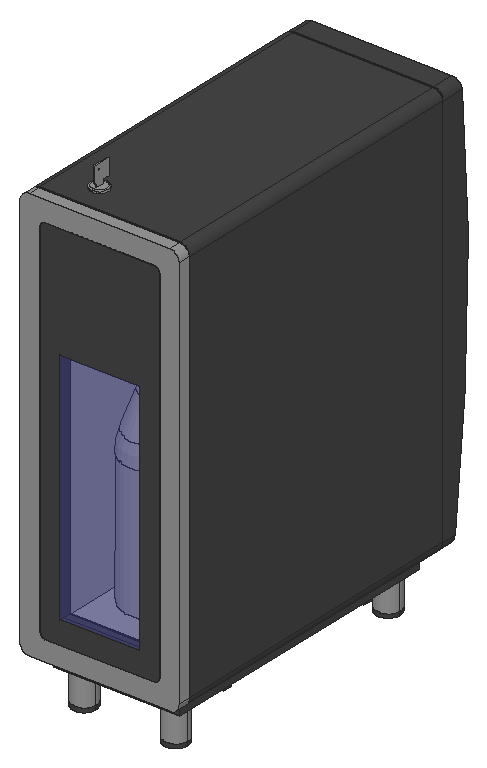
Revit family "Franke_Flavor_Station_FS6-A1000_FM_CM(USA)", category Specialty Equipment, Revit 2015
Parameters (values of type "Flavor Station FS6 - A1000 FM CM(110-127V/anthracite/USA)")
  Watts max. = 0 W
  Volts max. = 127 V
  URL = "https://www.franke.com/main/en/cs/products/product-search.html"
  Depth (mm) = 452 mm
  Volts min. = 110 V
  Max Overcurrent Protection = "-"
  Cycle Alternative = 60 Hz
  Cycle = 50 Hz
  Model = "Flavor Station FS6 - A1000 FM CM"
  Watts min. = 0 W
  Cost = 0
  Capacity = "up to 6 bottles"
  Height (mm) = 544 mm
  Manufacturer = "Franke"
  Energy loss acc. to DIN 18873 = "-"
  Width (mm) = 200 mm
  Description = "key module Flavor Station enables the automated and constant dosing of syrup in the coffee / milk"
  Assembly Code = "key module Flavor Station"
  Keynote = "key module Flavor Station"
  Weight = "17 kg"
  Number of Poles = 1
  Number of Protective Conductors = "1"
  Number of Nutral Conductors = "1"
  Frontcover = Franke Anthracite
Types (3, lengths in mm): name | Frontcover
  (no name) | Franke Anthracite
  Flavor Station FS6 - A1000 FM CM(110-127V/black line/USA) | Franke Black
  Flavor Station FS6 - A1000 FM CM(110-127V/anthracite/USA) | Franke Anthracite
Reference planes
  plane 1 "Mitte (Vorne/Hinten)": y = 0
  plane 2: z = 0
  plane 3 "Mitte (Links/Rechts)": x = 0
Forms (mm)
  Revolve 1, solid, material "Franke Glass (coloured)"
    sketch origin (0, -122.422, 0) x (1, 0, 0) y (0, 0, 1)
      loop
        line (0, 119) -> (42.5, 119) -> (42.5, 285)
        arc (42.5, 285) -> (41.359, 298.689) -> (37.969, 312) r 82.717
        arc (37.969, 312) -> (30.026, 334.024) -> (21.951, 356) r 3887.726
        arc (21.951, 356) -> (18.197, 369.268) -> (16.953, 383) r 74.483
        line (16.953, 383) -> (0, 383) -> (0, 119)
      axis (0, 119) -> (0, 383)
    angle from 0 to 360
  Revolve 2, solid, material "Franke Coloured plastic"
    sketch origin (0, -122.422, 0) x (1, 0, 0) y (0, 0, 1)
      loop
        line (0, 383) -> (16.953, 383) -> (16.953, 417) -> (0, 417) -> (0, 383)
      axis (0, 383) -> (0, 417)
    angle from 0 to 360
  Extrusion 3, solid, material "Franke Anthracite" <- "Frontcover"
    sketch origin (0, 0, 0) x (1, 0, 0) y (0, 0, 1)
      loop
        line (88, 585) -> (-88, 585)
        arc (-88, 585) -> (-96.485, 581.485) -> (-100, 573) r 12
        line (-100, 573) -> (-100, 77)
        arc (-100, 77) -> (-96.485, 68.515) -> (-88, 65) r 12
        line (-88, 65) -> (-85, 65) -> (85, 65) -> (88, 65)
        arc (88, 65) -> (96.485, 68.515) -> (100, 77) r 12
        line (100, 77) -> (100, 573)
        arc (100, 573) -> (96.485, 581.485) -> (88, 585) r 12
      loop
        arc (67, 90) -> (72.657, 92.343) -> (75, 98) r 8
        line (75, 98) -> (75, 552)
        arc (75, 552) -> (72.657, 557.657) -> (67, 560) r 8
        line (67, 560) -> (-67, 560)
        arc (-67, 560) -> (-72.657, 557.657) -> (-75, 552) r 8
        line (-75, 552) -> (-75, 98)
        arc (-75, 98) -> (-72.657, 92.343) -> (-67, 90) r 8
        line (-67, 90) -> (67, 90)
    from 199.53 to 214.53
  Extrusion 4, solid, material "Franke Black"
    sketch origin (0, 0, 0) x (1, 0, 0) y (0, 0, 1)
      loop
        arc (-67, 560) -> (-72.657, 557.657) -> (-75, 552) r 8
        line (-75, 552) -> (-75, 98)
        arc (-75, 98) -> (-72.657, 92.343) -> (-67, 90) r 8
        line (-67, 90) -> (67, 90)
        arc (67, 90) -> (72.657, 92.343) -> (75, 98) r 8
        line (75, 98) -> (75, 552)
        arc (75, 552) -> (72.657, 557.657) -> (67, 560) r 8
        line (67, 560) -> (-67, 560)
      loop
        line (-50, 417) -> (-50, 119) -> (50, 119) -> (50, 417) -> (-50, 417)
    from 199.53 to 214.53
  Extrusion 5, solid, material "Franke Glass"
    sketch origin (0, 0, 0) x (1, 0, 0) y (0, 0, 1)
      loop
        line (-50, 417) -> (-50, 119) -> (50, 119) -> (50, 417) -> (-50, 417)
    from 209.53 to 214.53
  Extrusion 6, solid, material "Franke Black"
    sketch origin (0, 0, 0) x (1, 0, 0) y (0, 0, 1)
      loop
        line (88, 585) -> (-88, 585)
        arc (-88, 585) -> (-96.485, 581.485) -> (-100, 573) r 12
        line (-100, 573) -> (-100, 77)
        arc (-100, 77) -> (-96.485, 68.515) -> (-88, 65) r 12
        line (-88, 65) -> (-85, 65) -> (85, 65) -> (88, 65)
        arc (88, 65) -> (96.485, 68.515) -> (100, 77) r 12
        line (100, 77) -> (100, 573)
        arc (100, 573) -> (96.485, 581.485) -> (88, 585) r 12
    from -198.03 to 198.03
  Extrusion 7, void
    sketch origin (0, 0, 0) x (1, 0, 0) y (0, 0, 1)
      loop
        line (-55, 422) -> (-55, 114) -> (55, 114) -> (55, 422) -> (-55, 422)
    from 4.53 to 267.821
  Extrusion 8, solid, material "Franke Black"
    sketch origin (0, 0, 0) x (0, 1, 0) y (0, 0, 1)
      loop
        line (186.97, 65) -> (-188.03, 65) -> (-188.03, 45) -> (186.97, 45) -> (186.97, 65)
    from -79 to 79
  Extrusion 9, solid, material "Franke Black"
    sketch origin (0, 0, 0) x (0, 1, 0) y (0, 0, 1)
      loop
        line (199.53, 585) -> (199.53, 65) -> (216.03, 65)
        arc (216.03, 65) -> (224.982, 150.997) -> (233.478, 237.039) r 16328.175
        arc (233.478, 237.039) -> (233.864, 241.879) -> (234.093, 246.728) r 150
        arc (234.093, 246.728) -> (236.227, 326.074) -> (237.701, 405.435) r 9548.581
        arc (237.701, 405.435) -> (237.699, 406.999) -> (237.648, 408.563) r 50
        arc (237.648, 408.563) -> (233.118, 496.797) -> (228.03, 585) r 14002.549
        line (228.03, 585) -> (199.53, 585)
    from -100 to 100
  Extrusion 10, void
    sketch origin (0, 0, 0) x (1, 0, 0) y (0, 0, 1)
      loop
        line (-88, 585) -> (-88, 595) -> (-110, 595) -> (-110, 573) -> (-100, 573)
        arc (-100, 573) -> (-96.485, 581.485) -> (-88, 585) r 12
      loop
        arc (88, 585) -> (96.485, 581.485) -> (100, 573) r 12
        line (100, 573) -> (110, 573) -> (110, 595) -> (88, 595) -> (88, 585)
      loop
        arc (-88, 65) -> (-96.485, 68.515) -> (-100, 77) r 12
        line (-100, 77) -> (-110, 77) -> (-110, 55) -> (-88, 55) -> (-88, 65)
      loop
        line (88, 65) -> (88, 55) -> (110, 55) -> (110, 77) -> (100, 77)
        arc (100, 77) -> (96.485, 68.515) -> (88, 65) r 12
    from -305.226 to 299.817
  Revolve 11, solid, material "Franke Chrome"
    sketch origin (-42, 0, 0) x (0, 1, 0) y (0, 0, 1)
      loop
        line (-162.53, 588) -> (-172.563, 588)
        arc (-172.563, 588) -> (-173.27, 587.707) -> (-173.563, 587) r 1
        line (-173.563, 587) -> (-173.563, 585) -> (-162.53, 585) -> (-162.53, 588)
      axis (-162.53, 588) -> (-162.53, 585)
    angle from 0 to 360
  Extrusion 12, solid, material "Franke Chrome"
    sketch origin (0, 0, 0) x (1, 0, 0) y (0, 1, 0)
      loop
        circle (57.5, -167.03) r 15
      loop
        circle (57.5, 166.47) r 15
      loop
        circle (-57.5, -167.03) r 15
      loop
        circle (-57.5, 166.47) r 15
    from 5 to 45
  Extrusion 13, solid, material "Franke Black"
    sketch origin (0, 0, 10) x (0, -1, 0) y (1, 0, 0)
      loop
        circle (167.03, -57.5) r 15
      loop
        circle (-166.47, -57.5) r 15
      loop
        circle (167.03, 57.5) r 15
      loop
        circle (-166.47, 57.5) r 15
    from -10 to -5
  Extrusion 14, solid, material "Franke Black"
    sketch origin (0, 0, 0) x (1, 0, 0) y (0, 1, 0)
      loop
        line (-76.6, 116.47) -> (-76.6, 104.47) -> (-62.6, 104.47) -> (-62.6, 116.47) -> (-76.6, 116.47)
      loop
        line (-76.6, -104.03) -> (-76.6, -116.03) -> (-62.6, -116.03) -> (-62.6, -104.03) -> (-76.6, -104.03)
      loop
        line (76.6, 116.47) -> (62.6, 116.47) -> (62.6, 104.47) -> (76.6, 104.47) -> (76.6, 116.47)
      loop
        line (76.6, -104.03) -> (62.6, -104.03) -> (62.6, -116.03) -> (76.6, -116.03) -> (76.6, -104.03)
    from 40 to 45
  Extrusion 15, solid, material "Franke internal space FS3"
    sketch origin (0, 0, 0) x (1, 0, 0) y (0, 0, 1)
      loop
        line (55, 422) -> (-55, 422) -> (-55, 114) -> (55, 114) -> (55, 422)
      loop
        line (50, 417) -> (-50, 417) -> (-50, 119) -> (50, 119) -> (50, 417)
    from 0 to 198.03
  Extrusion 16, solid
    sketch origin (0, 0, 0) x (1, 0, 0) y (0, 0, 1)
      loop
        line (-90, 75) -> (90, 75) -> (90, 575) -> (-90, 575) -> (-90, 75)
      loop
        line (55, 422) -> (-55, 422) -> (-55, 114) -> (55, 114) -> (55, 422)
    from 198.03 to 199.53
  Extrusion 17, solid
    sketch origin (0, 397.56, 0) x (1, 0, 0) y (0, 0, 1)
      loop
        line (-90, 75) -> (90, 75) -> (90, 575) -> (-90, 575) -> (-90, 75)
    from 198.03 to 199.53
  Extrusion 18, solid, material "Franke Chrome"
    sketch origin (0, 0, 0) x (0, 1, 0) y (0, 0, 1)
      loop
        arc (-169.199, 613) -> (-169.907, 612.707) -> (-170.199, 612) r 1
        line (-170.199, 612) -> (-170.199, 594)
        arc (-170.199, 594) -> (-169.907, 593.293) -> (-169.199, 593) r 1
        line (-169.199, 593) -> (-167.163, 593) -> (-167.163, 588) -> (-157.898, 588) -> (-157.898, 593) -> (-149.885, 593)
        arc (-149.885, 593) -> (-149.178, 593.293) -> (-148.885, 594) r 1
        line (-148.885, 594) -> (-148.885, 612)
        arc (-148.885, 612) -> (-149.178, 612.707) -> (-149.885, 613) r 1
        line (-149.885, 613) -> (-169.199, 613)
      loop
        circle (-164.449, 607.092) r 2
    from -43 to -41
  Extrusion 19, solid, material "Franke Chrome"
    sketch origin (0, 0, 0) x (1, 0, 0) y (0, 1, 0)
      loop
        circle (0, 147.268) r 2.5
    from 40 to 45
Cuts and joins
  Extrusion 10 cuts Extrusion 9
  Extrusion 7 cuts Extrusion 6
Dimensions and locks
  aligned and locked: level to plane 2
Connectors
  electrical at (0, 147.268, 40), driven by "Volts min.", driven by "Number of Poles"
    settings: on Extrusion 19, index 1, voltage 110 V, apparent load 0 VA, apparent load phase1 0 VA, apparent load phase2 0 VA, apparent load phase3 0 VA, power factor 1, load classification "Strom", number of poles 1, system type 31, power factor state 1, is connector primary yes, connector utility no, sub classification motor no, connector description ""
